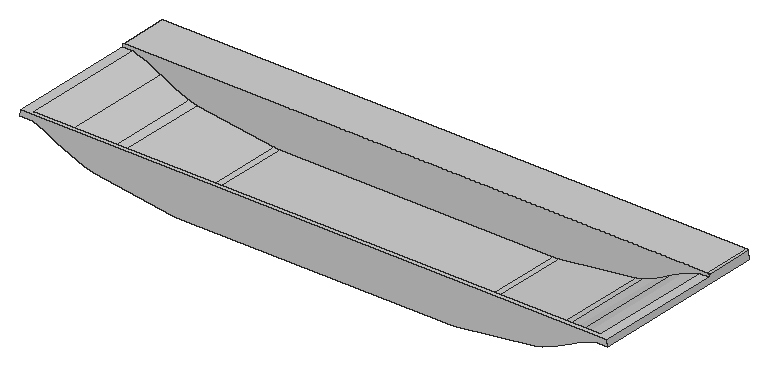
Revit family "NLRS_74_PF_UN_wastafel_S8VR5033000_SPHINX_BCB", category Plumbing Fixtures, Revit 2016
Family settings
  Part Type = Normal
  Round Connector Dimension = Use Diameter
  OmniClass Number = 23.45.00.00
  OmniClass Title = Sanitary, Laundry, and Cleaning Equipment
  Work Plane-Based = No
  Always vertical = Yes
  Cut with Voids When Loaded = No
  Shared = No
  Room Calculation Point = No
Parameters
  NLRS_C_type = "Wastafel met twee kraangaten en zonder overloop"
  NLRS_C_serie = "420"
  NLRS_C_revit_versie = "2016"
  NLRS_C_content_versie = "2.0"
  NLRS_C_content_provider = "BouwConnect"
  NLRS_C_content_datum_uitgifte = "APR-2018"
  NLRS_C_content_datum_gewijzigd = "APR-2018"
  NLRS_C_content_creator = "BouwConnect"
  NLRS_C_URL_product_data = "http://www.sphinx.nl/producten/wastafels-%7C-fonteinen/oplegwastafels/sphinx-420-%7C-oplegwastafel-160-varicor/38247/"
  diameter uit = 75 mm  # constant formula
  WFU = 0
  URL = "http://www.sphinx.nl/"
  Type Comments = ""
  NLRS_S_gewicht = 22.00 kg
  NLRS_C_materiaal = none
  NLRS_C_lengte = 480 mm
  NLRS_C_hoogte = 25 mm
  NLRS_C_diameter_uit = 45 mm
  NLRS_C_diameter_in = 35 mm
  NLRS_C_breedte = 1600 mm
  Model = ""
  Manufacturer = "Sphinx"
  Keynote = ""
  IfcTypeProduct = "IfcSanitaryTerminalType"
  IfcExportType = "SINK"
  IfcExportAs = "IfcSanitaryTerminalTypeEnum"
  IfcElement = "IfcFlowTerminal"
  NLRS_C_code_EAN = "8711754430020"
  Description = "wastafel"
  CWFU = 0
  NLRS_C_URL_BCB = "http://bcb-online.nl/?zoekterm=Sphinx+++%5bGeberit+B.V.%5d"
  Assembly Code = "47.11"
Reference planes
  plane 1 "Center (Front/Back)": y = 0
  plane 2: z = 0
  plane 3 "Center (Left/Right)": x = 0
  plane 4: y = -237.5
  plane 5: z = -10
  plane 6: y = -82.5
Forms (mm)
  Extrusion 1, solid, not visible, detail levels medium+fine
    sketch origin (-1000, -37.5, 0) x (1, 0, 0) y (0, 1, 0)
      loop
        circle (999.991, -200) r 37.5
    from -150 to -135
  Extrusion 2, solid, material "bcb_porselein"
    sketch origin (0, 0, 199.999) x (1, 0, 0) y (0, 0, 1)
      loop
        line (-772.183, -209.999) -> (-799.476, -209.999) -> (-800, -224.999) -> (-765.137, -224.999)
        arc (-765.137, -224.999) -> (-732.742, -236.903) -> (-701.916, -252.425) r 302
        arc (-701.916, -252.425) -> (-663.587, -271.939) -> (-623.417, -287.309) r 408
        arc (-623.417, -287.309) -> (-612.253, -290.634) -> (-600.946, -293.434) r 250
        arc (-600.946, -293.434) -> (-495.51, -312.064) -> (-388.833, -321.222) r 1200
        arc (-388.833, -321.222) -> (-380.703, -321.626) -> (-372.581, -322.171) r 470
        arc (-372.581, -322.171) -> (-0.01, -336.27) -> (372.56, -322.172) r 4930
        arc (372.56, -322.172) -> (380.684, -321.627) -> (388.815, -321.223) r 470
        arc (388.815, -321.223) -> (495.475, -312.069) -> (600.894, -293.446) r 1200
        arc (600.894, -293.446) -> (612.281, -290.625) -> (623.524, -287.275) r 250.926
        arc (623.524, -287.275) -> (663.638, -271.916) -> (701.916, -252.425) r 408
        arc (701.916, -252.425) -> (732.742, -236.903) -> (765.137, -224.999) r 302
        line (765.137, -224.999) -> (800, -224.999) -> (799.476, -209.999) -> (772.183, -209.999)
        arc (772.183, -209.999) -> (732.88, -223.271) -> (695.666, -241.6) r 314.5
        arc (695.666, -241.6) -> (658.561, -260.494) -> (619.675, -275.382) r 395.5
        arc (619.675, -275.382) -> (608.992, -278.565) -> (598.172, -281.246) r 238.426
        arc (598.172, -281.246) -> (493.851, -299.675) -> (388.303, -308.734) r 1187.5
        arc (388.303, -308.734) -> (379.955, -309.149) -> (371.616, -309.708) r 482.5
        arc (371.616, -309.708) -> (-0.01, -323.77) -> (-371.637, -309.706) r 4917.5
        arc (-371.637, -309.706) -> (-379.974, -309.147) -> (-388.321, -308.732) r 482.5
        arc (-388.321, -308.732) -> (-493.886, -299.67) -> (-598.224, -281.234) r 1187.5
        arc (-598.224, -281.234) -> (-608.965, -278.574) -> (-619.571, -275.415) r 237.5
        arc (-619.571, -275.415) -> (-658.511, -260.516) -> (-695.666, -241.6) r 395.5
        arc (-695.666, -241.6) -> (-732.88, -223.271) -> (-772.183, -209.999) r 314.5
    from 0 to 480
  Extrusion 3, solid, material "bcb_porselein"
    sketch origin (0, 0, -0.001) x (1, 0, 0) y (0, 0, 1)
      loop
        line (-799.261, -3.855) -> (-799.476, -9.999) -> (799.476, -9.999) -> (799.261, -3.855)
        arc (799.261, -3.855) -> (798.043, -1.117) -> (795.264, 0.005) r 4
        line (795.264, 0.005) -> (-795.264, 0.005)
        arc (-795.264, 0.005) -> (-798.043, -1.117) -> (-799.261, -3.855) r 4
    from 0 to 130.5
  Extrusion 4, solid, material "bcb_porselein"
    sketch origin (0, 0, -200.001) x (1, 0, 0) y (0, 0, 1)
      loop
        line (-800, 175.001) -> (-765.137, 175.001)
        arc (-765.137, 175.001) -> (-732.742, 163.097) -> (-701.916, 147.575) r 302
        arc (-701.916, 147.575) -> (-663.587, 128.061) -> (-623.417, 112.691) r 408
        arc (-623.417, 112.691) -> (-612.253, 109.366) -> (-600.946, 106.566) r 250
        arc (-600.946, 106.566) -> (-495.51, 87.936) -> (-388.833, 78.778) r 1200
        arc (-388.833, 78.778) -> (-380.703, 78.374) -> (-372.581, 77.829) r 470
        arc (-372.581, 77.829) -> (-0.01, 63.73) -> (372.56, 77.828) r 4930
        arc (372.56, 77.828) -> (380.684, 78.373) -> (388.815, 78.777) r 470
        arc (388.815, 78.777) -> (495.475, 87.931) -> (600.894, 106.554) r 1200
        arc (600.894, 106.554) -> (612.281, 109.375) -> (623.524, 112.725) r 250.926
        arc (623.524, 112.725) -> (663.638, 128.084) -> (701.916, 147.575) r 408
        arc (701.916, 147.575) -> (732.742, 163.097) -> (765.137, 175.001) r 302
        line (765.137, 175.001) -> (800, 175.001) -> (799.476, 190.001) -> (-799.476, 190.001) -> (-800, 175.001)
    from 467.5 to 480
  Extrusion 5, solid, material "bcb_porselein"
    sketch origin (0, 0, -0.001) x (1, 0, 0) y (0, 0, 1)
      loop
        line (799.476, -9.999) -> (-799.476, -9.999) -> (-800, -24.999) -> (-765.137, -24.999)
        arc (-765.137, -24.999) -> (-732.742, -36.903) -> (-701.916, -52.425) r 302
        arc (-701.916, -52.425) -> (-663.587, -71.939) -> (-623.417, -87.309) r 408
        arc (-623.417, -87.309) -> (-612.253, -90.634) -> (-600.946, -93.434) r 250
        arc (-600.946, -93.434) -> (-495.51, -112.064) -> (-388.833, -121.222) r 1200
        arc (-388.833, -121.222) -> (-380.703, -121.626) -> (-372.581, -122.171) r 470
        arc (-372.581, -122.171) -> (-0.01, -136.27) -> (372.56, -122.172) r 4930
        arc (372.56, -122.172) -> (380.684, -121.627) -> (388.815, -121.223) r 470
        arc (388.815, -121.223) -> (495.475, -112.069) -> (600.894, -93.446) r 1200
        arc (600.894, -93.446) -> (612.281, -90.625) -> (623.524, -87.275) r 250.926
        arc (623.524, -87.275) -> (663.638, -71.916) -> (701.916, -52.425) r 408
        arc (701.916, -52.425) -> (732.742, -36.903) -> (765.137, -24.999) r 302
        line (765.137, -24.999) -> (800, -24.999) -> (799.476, -9.999)
    from 0 to 130.5
  Revolve 6, solid, material "bcb_porselein"
    sketch origin (0, -237.5, -0.001) x (1, 0, 0) y (0, 0, 1)
      loop
        line (-43.82, -146.287) -> (-43.495, -149.999) -> (0, -149.999) -> (0, -132.499) -> (-54.389, -132.499) -> (-54.389, -136.253)
        arc (-54.389, -136.253) -> (-47.204, -139.269) -> (-43.82, -146.287) r 11
      axis (0, -132.499) -> (0, -149.999)
    angle from 0 to 360
Cuts and joins
  joined: Extrusion 2, Extrusion 3, Extrusion 4, Extrusion 5
Dimensions and locks
  plane 2 to plane 5 = 10 mm
  aligned and locked: level to plane 2
  aligned and locked: Extrusion 3 to plane 5
Connectors
  piping at (-0.009, -237.5, -150), diameter 75, driven by "WFU", driven by "diameter uit"
    settings: on Extrusion 1, index 1, connector inside diameter 609.6 mm, connector length 0 mm, flow factor 0, pipe flow 0.0 L/s, pressure drop 0.0 Pa, fitting loss kfactor 0, connector angle 0.00°, fixture units 0, engagement length 0 mm, angle of deflection 0.00°, flow configuration 3, flow direction 2, fitting loss method 0, system type 16, joint type 0, gender type 0, connector reference index -1, connector utility 0, adjustable connector no, is connector primary yes, connector description ""
